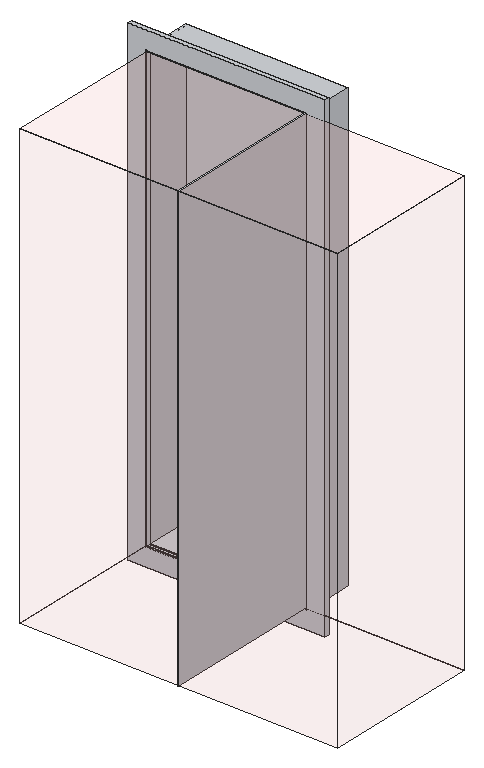
Revit family "Hager-VOLTA-Flush_mounted-IP30-With_Cover-With_DIN-NoHosted-PL-pl", category Electrical Equipment, Revit 2023
Family settings
  Panel Configuration = Two Columns, Circuits Across
  Round Connector Dimension = Use Diameter
  Part Type = Panelboard
  Work Plane-Based = Yes
  Always vertical = Yes
  Cut with Voids When Loaded = No
  Maintain Annotation Orientation = No
  Shared = No
  Room Calculation Point = No
Parameters (values of type "VOLTA-Flush_mounted_W348_H880_D98_12_Modular_Spacing-VU60NWB")
  Width Control [instance] = if([HG000006-Flush mounted-pl], if([EF000846 - Szerokość wbudowania] > min_whd, [EF000846 - Szerokość wbudowania], min_whd), if([EF000008 - Szerokość] > min_whd, ([EF000008 - Szerokość]), min_whd))  # 314.5 mm
  Void Depth [instance] = if([EF000218 - Głębokość wbudowania] > 1 mm, [EF000218 - Głębokość wbudowania], 1 mm)  # 89 mm
  Uniformat code = "D501001"
  Uniformat = "Low Tension Service & Dist."
  Référence = ""
  HGEF0002950-Szerokość wyrażona liczbą modułów = 12
  HGEF000266-Liczba rzędów = 0
  HG000131 - Functional label [instance] = ""
  HG000130 - Functional name [instance] = ""
  HG000099-Onfly Template ID-pl-PL = "507532"
  HG000059-Operating voltage-pl-PL [instance] = 230 V
  HG000017-Distance between poles-pl = 18 mm
  HG000016-Door 3D visibility-pl = yes
  HG000015-Clearance visibility-pl = yes
  HG000014-Door on the right-pl = yes
  HG000013-Door on the left-pl = no
  HG000012-Door swing angle-pl = 90.00°
  HG000011-Empty rows from bottom-pl = no
  HG000010-Asymmetric doors-pl = no
  HG000009-Double swing door-pl = no
  HG000008-Number of empty rows-pl = 0
  HG000007-Number of empty columns-pl = 0
  HG000006-Flush mounted-pl = yes
  HG000005-Thickness-pl = 2 mm
  HG000004-Manufacturer reference-pl = "VU60NWB"
  HG000003-Range-pl = "VOLTA"
  HG000002-with door or cover-pl = yes
  HG000001-Number of columns-pl = 0
  ETIM class name = "Small distribution board"
  ETIM class code = "EC000214"
  EF015941 - Drzwi przepuszczające sygnał = no
  EF015777 - Listwa zaciskowa przewodu neutralnego = no
  EF015776 - Listwa zaciskowa uziemienia = no
  EF009212 - Wykonanie/rodzaj pokrywy = "Z otworem"
  EF006306 - Z zamkiem = no
  EF006244 - Transparentna pokrywa/drzwi = no
  EF005474 - Stopień ochrony (IP) = "IP30"
  EF004464 - Rodzaj drzwi = ""
  EF004462 - Rodzaj zamknięcia = "Inne"
  EF002950 - Szerokość wyrażona liczbą modułów = 12
  EF001596 - Materiał obudowy = ""
  EF001134 - Szyna DIN = yes
  EF001131 - Głębokość wewnętrzna = 0 mm
  EF001088 - Możliwość rozbudowy = yes
  EF001062 - Wykonanie zgodne z Dyrektywą Kompatybilności Elektromagnetycznej EMC = no
  EF000846 - Szerokość wbudowania = 314.5 mm
  EF000339 - Rodzaj pokrywy = ""
  EF000332 - Wysokość wbudowania = 865 mm
  EF000266 - Liczba rzędów = 0
  EF000218 - Głębokość wbudowania = 89 mm
  EF000118 - Z płytą montażową = yes
  EF000116 - Numer RAL = 9010
  EF000049 - Głębokość = 98 mm
  EF000040 - Wysokość = 880 mm
  EF000024 - Odporność na promieniowanie UV = no
  EF000008 - Szerokość = 348 mm
  EF000007 - Kolor = "Biały"
  EF000003 - Sposób montażu = "Montaż podtynkowy"
  Type Comments = ""
  System Height [instance] = Height Control - 2 * [HG000005-Thickness-pl]  # 861 mm
  Reference description = ""
  Reference = "VOLTA-Flush_mounted_W348_H880_D98_12_Modular_Spacing-VU60NWB"
  Panel Name [instance] = ""  # (empty or 0)
  Offset [instance] = 0 mm
  Object type = ""
  Name hager = "ADD_Enclosures_EC000214"
  Name BIM&CO = "Electricity"
  Name = "VOLTA-Flush_mounted-IP30-With_Cover-With_DIN-PL"
  Model = ""
  Level Offset [instance] = [Flush Mounted - Door Frame Width] + Offset  # 15 mm
  HG000060-RAL-number = "9010"
  GTIN (Global Trade Item Number) = ""
  Description = ""
  Default Elevation = 1200 mm
  Creation Date = "12/15/2025 21:46:28"
  Code hager = "ADD-EC000214_EU"
  Code Uniformat = ""
  BIM&CO code = ""
  BC_VARIANT_ID = "1174397"
  BC_OBJECT_VERSION = "#5"  # constant formula
  BC_OBJECT_ID = "513496"  # constant formula
  BC_MODEL_ID = "1547209"  # constant formula
  BC_METADATA = "{\"ObjectGuid\":\"bc35c96e-cb38-443e-833d-0616858cb9ac\",\"ModelGuid\":\"8af03f69-2293-4735-a617-cc53adf55621\",\"VariantGuid\":\"8b6e323b-1b53-409a-a940-11b5a7fc5337\",\"Revision\":\"#4\",\"VariantName\":\"Template-Enclosure_EU-EC000214\"}"
  Arrow Offset [instance] = Depth Control / 8  # 11.125 mm
  Arrow Height [instance] = Depth Control - Arrow Offset  # 77.875 mm
  Host Offset [instance] = if([HG000006-Flush mounted-pl], 0 mm, [EF000049 - Głębokość])  # 0 mm
  min_whd [instance] = (2 * [HG000005-Thickness-pl]) + 1 mm  # 5 mm
  Manufacturer = "Hager"  # constant formula
  Height Control [instance] = if([HG000006-Flush mounted-pl], if([EF000332 - Wysokość wbudowania] > min_whd, [EF000332 - Wysokość wbudowania], min_whd), if([EF000040 - Wysokość] > min_whd, ([EF000040 - Wysokość]), min_whd))  # 865 mm
  Flush Mounted - Door Frame Width [instance] = if(([EF000040 - Wysokość] - [EF000332 - Wysokość wbudowania]) > 0 mm, if([HG000006-Flush mounted-pl], [EF000040 - Wysokość] - [EF000332 - Wysokość wbudowania], 0 mm), 0 mm)  # 15 mm
  Depth Control [instance] = if([HG000006-Flush mounted-pl], if([EF000218 - Głębokość wbudowania] > 0 mm, [EF000218 - Głębokość wbudowania], 1 mm), if([EF000049 - Głębokość] > 0 mm, ([EF000049 - Głębokość]), 1 mm))  # 89 mm
Types (18, lengths in mm): name | Width Control | Void Depth | HGEF000266-Liczba rzędów | HG000011-Empty rows from bottom-pl | HG000008-Number of empty rows-pl | HG000004-Manufacturer reference-pl | HG000001-Number of columns-pl | EF015777 - Listwa zaciskowa przewodu neutralnego | EF015776 - Listwa zaciskowa uziemienia | EF000846 - Szerokość wbudowania | EF000332 - Wysokość wbudowania | EF000266 - Liczba rzędów | EF000218 - Głębokość wbudowania | EF000118 - Z płytą montażową | EF000040 - Wysokość | System Height | Reference | Level Offset | BC_VARIANT_ID | Arrow Offset | Arrow Height | Height Control | Flush Mounted - Door Frame Width | Depth Control
  VOLTA-Flush_mounted_W348_H356_D98_12_Modular_Spacing-VU12AT | 314.5 | 89 | 1 | no | 0 | "VU12AT" | 1 | yes | yes | 314.5 | 321 | 1 | 89 | no | 356 | 317 | "VOLTA-Flush_mounted_W348_H356_D98_12_Modular_Spacing-VU12AT" | 35 | "1174376" | 11.125 | 77.875 | 321 | 35 | 89
  VOLTA-Flush_mounted_W348_H356_D98_12_Modular_Spacing-VU12NE | 314.5 | 89 | 1 | no | 0 | "VU12NE" | 1 | no | yes | 314.5 | 321 | 1 | 89 | no | 356 | 317 | "VOLTA-Flush_mounted_W348_H356_D98_12_Modular_Spacing-VU12NE" | 35 | "1174377" | 11.125 | 77.875 | 321 | 35 | 89
  VOLTA-Flush_mounted_W348_H505_D98_12_Modular_Spacing-VU24AT | 314.5 | 89 | 2 | no | 0 | "VU24AT" | 1 | yes | yes | 314.5 | 470 | 2 | 89 | no | 505 | 466 | "VOLTA-Flush_mounted_W348_H505_D98_12_Modular_Spacing-VU24AT" | 35 | "1174378" | 11.125 | 77.875 | 470 | 35 | 89
  VOLTA-Flush_mounted_W348_H505_D98_12_Modular_Spacing-VU24NE | 314.5 | 89 | 2 | no | 0 | "VU24NE" | 1 | no | yes | 314.5 | 470 | 2 | 89 | no | 505 | 466 | "VOLTA-Flush_mounted_W348_H505_D98_12_Modular_Spacing-VU24NE" | 35 | "1174380" | 11.125 | 77.875 | 470 | 35 | 89
  VOLTA-Flush_mounted_W348_H505_D98_12_Modular_Spacing-VU24NWB | 314.5 | 89 | 0 | no | 0 | "VU24NWB" | 0 | no | no | 314.5 | 470 | 0 | 89 | yes | 505 | 466 | "VOLTA-Flush_mounted_W348_H505_D98_12_Modular_Spacing-VU24NWB" | 35 | "1174383" | 11.125 | 77.875 | 470 | 35 | 89
  VOLTA-Flush_mounted_W348_H630_D98_12_Modular_Spacing-VU36AT | 314.5 | 89 | 3 | no | 0 | "VU36AT" | 1 | yes | yes | 314.5 | 595 | 3 | 89 | no | 630 | 591 | "VOLTA-Flush_mounted_W348_H630_D98_12_Modular_Spacing-VU36AT" | 35 | "1174385" | 11.125 | 77.875 | 595 | 35 | 89
  VOLTA-Flush_mounted_W348_H630_D98_12_Modular_Spacing-VU36NE | 314.5 | 89 | 3 | no | 0 | "VU36NE" | 1 | no | yes | 314.5 | 595 | 3 | 89 | no | 630 | 591 | "VOLTA-Flush_mounted_W348_H630_D98_12_Modular_Spacing-VU36NE" | 35 | "1174386" | 11.125 | 77.875 | 595 | 35 | 89
  VOLTA-Flush_mounted_W348_H630_D98_12_Modular_Spacing-VU36NWB | 314.5 | 89 | 0 | no | 0 | "VU36NWB" | 0 | no | no | 314.5 | 595 | 0 | 89 | yes | 630 | 591 | "VOLTA-Flush_mounted_W348_H630_D98_12_Modular_Spacing-VU36NWB" | 35 | "1174387" | 11.125 | 77.875 | 595 | 35 | 89
  VOLTA-Flush_mounted_W348_H755_D98_12_Modular_Spacing-VU48AT | 314.5 | 89 | 4 | no | 0 | "VU48AT" | 1 | yes | yes | 314.5 | 720 | 4 | 89 | no | 755 | 716 | "VOLTA-Flush_mounted_W348_H755_D98_12_Modular_Spacing-VU48AT" | 35 | "1174388" | 11.125 | 77.875 | 720 | 35 | 89
  VOLTA-Flush_mounted_W348_H755_D98_12_Modular_Spacing-VU48NE | 314.5 | 89 | 4 | no | 0 | "VU48NE" | 1 | no | yes | 314.5 | 720 | 4 | 89 | no | 755 | 716 | "VOLTA-Flush_mounted_W348_H755_D98_12_Modular_Spacing-VU48NE" | 35 | "1174389" | 11.125 | 77.875 | 720 | 35 | 89
  VOLTA-Flush_mounted_W348_H755_D98_12_Modular_Spacing-VU48NWB | 314.5 | 89 | 0 | no | 0 | "VU48NWB" | 0 | no | no | 314.5 | 720 | 0 | 89 | yes | 755 | 716 | "VOLTA-Flush_mounted_W348_H755_D98_12_Modular_Spacing-VU48NWB" | 35 | "1174390" | 11.125 | 77.875 | 720 | 35 | 89
  VOLTA-Flush_mounted_W348_H880_D98_12_Modular_Spacing-VU601PLH | 314.5 | 89 | 5 | yes | 4 | "VU601PLH" | 1 | yes | yes | 314.5 | 845 | 5 | 89 | yes | 880 | 841 | "VOLTA-Flush_mounted_W348_H880_D98_12_Modular_Spacing-VU601PLH" | 35 | "1174391" | 11.125 | 77.875 | 845 | 35 | 89
  VOLTA-Flush_mounted_W348_H880_D98_12_Modular_Spacing-VU602PLH | 314.5 | 89 | 5 | yes | 3 | "VU602PLH" | 1 | yes | yes | 314.5 | 845 | 5 | 89 | yes | 880 | 841 | "VOLTA-Flush_mounted_W348_H880_D98_12_Modular_Spacing-VU602PLH" | 35 | "1174392" | 11.125 | 77.875 | 845 | 35 | 89
  VOLTA-Flush_mounted_W348_H880_D98_12_Modular_Spacing-VU603PLG | 314.5 | 89 | 5 | yes | 2 | "VU603PLG" | 1 | yes | yes | 314.5 | 845 | 5 | 89 | yes | 880 | 841 | "VOLTA-Flush_mounted_W348_H880_D98_12_Modular_Spacing-VU603PLG" | 35 | "1174393" | 11.125 | 77.875 | 845 | 35 | 89
  VOLTA-Flush_mounted_W348_H880_D98_12_Modular_Spacing-VU603PLH | 314.5 | 89 | 5 | yes | 2 | "VU603PLH" | 1 | yes | yes | 314.5 | 845 | 5 | 89 | yes | 880 | 841 | "VOLTA-Flush_mounted_W348_H880_D98_12_Modular_Spacing-VU603PLH" | 35 | "1174394" | 11.125 | 77.875 | 845 | 35 | 89
  VOLTA-Flush_mounted_W348_H880_D98_12_Modular_Spacing-VU60NC | 314.5 | 89 | 5 | no | 0 | "VU60NC" | 1 | no | yes | 314.5 | 846 | 5 | 89 | no | 880 | 842 | "VOLTA-Flush_mounted_W348_H880_D98_12_Modular_Spacing-VU60NC" | 34 | "1174395" | 11.125 | 77.875 | 846 | 34 | 89
  VOLTA-Flush_mounted_W348_H880_D98_12_Modular_Spacing-VU60NE | 314 | 90 | 5 | no | 0 | "VU60NE" | 1 | yes | yes | 314 | 845 | 5 | 90 | no | 880 | 841 | "VOLTA-Flush_mounted_W348_H880_D98_12_Modular_Spacing-VU60NE" | 35 | "1174396" | 11.25 | 78.75 | 845 | 35 | 90
  VOLTA-Flush_mounted_W348_H880_D98_12_Modular_Spacing-VU60NWB | 314.5 | 89 | 0 | no | 0 | "VU60NWB" | 0 | no | no | 314.5 | 865 | 0 | 89 | yes | 880 | 861 | "VOLTA-Flush_mounted_W348_H880_D98_12_Modular_Spacing-VU60NWB" | 15 | "1174397" | 11.125 | 77.875 | 865 | 15 | 89
Reference planes
  plane 1 "Center (Front/Back)": y = 0
  plane 2: z = 0
  plane 3 "Center (Left/Right)": x = 0
  plane 4: y = 17
  plane 5: y = 89
  plane 6: y = 15
  plane 7: z = 0
  plane 8: x = -157.25
  plane 9: x = 157.25
  plane 10: x = 155.25
  plane 11: x = -155.25
  plane 12: z = 15
  plane 13: z = 17
  plane 14: y = 5
  plane 15: y = 0
  plane 16: y = 87
  plane 17: z = 878
  plane 18: z = 880
  plane 19: z = 447.5
  plane 20: x = 0
  plane 21: y = -100
  plane 22 "Annotation H": y = -300
  plane 23 "Annotation V": x = 357.25
Forms (mm)
  Extrusion 1, solid
    sketch origin (-208.679, -4572, 15) x (-1, 0, 0) y (0, -1, 0)
      loop
        line (-51.429, -4572) -> (-365.929, -4572) -> (-365.929, -4661) -> (-51.429, -4661) -> (-51.429, -4572)
    from 0 to 865 <- "Height Control"
  Extrusion 2, void
    sketch origin (-350.771, 0, 1219.2) x (1, 0, 0) y (0, 0, 1)
      loop
        line (195.521, -341.2) -> (195.521, -1202.2) -> (506.021, -1202.2) -> (506.021, -341.2) -> (195.521, -341.2)
    from 0 to -87
  Extrusion 3, solid, detail levels coarse+medium
    sketch origin (-350.771, 0, 1219.2) x (-1, 0, 0) y (0, 0, 1)
      loop
        line (-195.521, -341.2) -> (-506.021, -341.2) -> (-506.021, -1202.2) -> (-195.521, -1202.2) -> (-195.521, -341.2)
    from 0 to 2 <- "HG000005-Thickness-pl"
Cuts and joins
  Extrusion 2 cuts Extrusion 1
Dimensions and locks
  "Flush Mounted - Door Frame Width": plane 1 "Center (Front/Back)" to plane 6
  "HG000005-Thickness-pl": plane 4 to plane 6
  "HG000005-Thickness-pl": plane 8 to plane 11
  "HG000005-Thickness-pl": plane 9 to plane 10
  equal spacing: plane 8, plane 3 "Center (Left/Right)", plane 9
  "Width Control": plane 8 to plane 9
  locked: plane 14 to plane 15 at 5
  "Host Offset": plane 1 "Center (Front/Back)" to plane 15
  "Depth Control": plane 5 to plane 15
  "HG000005-Thickness-pl": plane 5 to plane 16
  "HG000005-Thickness-pl": plane 13 to plane 12
  "Level Offset": plane 12 to level
  "HG000005-Thickness-pl": plane 18 to plane 17
  "Height Control": plane 18 to plane 12
  "Arrow Offset": plane 5 to nested 4
  equal spacing: plane 18, plane 19, plane 12
  locked: connector elem to plane 19
  locked: connector elem to plane 3 "Center (Left/Right)"
  Extrusion 2 sketch curve to Extrusion 2 sketch curve to plane 9 = 310.5 mm, 2 mm
  locked: plane 9 to plane 23 "Annotation V" at 200
  locked: plane 22 "Annotation H" to plane 1 "Center (Front/Back)" at 300
  aligned and locked: nested 1 to plane 14
  aligned and locked: plane 3 "Center (Left/Right)" to nested 1
  aligned and locked: plane 3 "Center (Left/Right)" to nested 2
  aligned and locked: nested 2 to plane 15
  aligned and locked: plane 5 to Extrusion 1
  aligned and locked: Extrusion 3 sketch curve to plane 17
  aligned and locked: Extrusion 3 sketch curve to plane 11
  aligned and locked: plane 13 to Extrusion 3 sketch curve
  aligned and locked: Extrusion 3 sketch curve to plane 10
  aligned and locked: plane 13 to Extrusion 2 sketch curve
  aligned and locked: Extrusion 2 sketch curve to plane 17
  aligned and locked: plane 16 to Extrusion 2
  aligned and locked: plane 5 to Extrusion 1 sketch curve
  aligned and locked: plane 9 to Extrusion 1 sketch curve
  aligned and locked: plane 8 to Extrusion 1 sketch curve
  aligned and locked: plane 8 to nested 4
  aligned and locked: plane 8 to nested 3
  aligned and locked: nested 3 to plane 5
  aligned and locked: Extrusion 1 sketch curve to plane 15
  aligned and locked: Extrusion 2 to plane 15
  aligned and locked: nested 5 to plane 22 "Annotation H"
  aligned and locked: plane 23 "Annotation V" to nested 5
  aligned and locked: plane 11 to Extrusion 2
  aligned and locked: plane 10 to Extrusion 2
Nested families
  nested 1: "Hager_Enclosure_System" at (0, 5, 17), Height <- "System Height", Width_Control <- "Width Control", Built-in_Width <- "EF000846 - Szerokość wbudowania", Width <- "EF000008 - Szerokość", Depth <- "HG000005-Thickness-pl", Border <- "HG000005-Thickness-pl", Distance_Between_Poles <- "HG000017-Distance between poles-pl", Flush_Mounted <- "HG000006-Flush mounted-pl", Empty_Columns <- "HG000007-Number of empty columns-pl", Total_No_Empty_Rows <- "HG000008-Number of empty rows-pl", Empty_Rows_From_Bottom <- "HG000011-Empty rows from bottom-pl", Columns_Count <- "HG000001-Number of columns-pl", Rows_Count <- "HGEF000266-Liczba rzędów", Row_Module_Multiplicator <- "HGEF0002950-Szerokość wyrażona liczbą modułów", type "Hager_Enclosure_System", detail levels medium+fine
    with Width_Control 314.5 mm, Width 348 mm, Total_No_Rows 0, Total_No_Empty_Rows 0, Total_No_Columns 1, System_Width 310.5 mm, Rows_Count 0, Rows_Column 0, Row_Module_Multiplicator 12, Panel_4 no, Panel_3 no, Panel_2 no, Panel_1 no, No_Panels_Ctrl 1, Hide_Columns yes, Height 861 mm, Flush_Mounted yes, Empty_Rows_From_Bottom no, Empty_Rows_Column 0, Empty_Columns 0, Empty column 4 0, Empty column 3 0, Empty column 2 0, Empty column 1 0, Distance_Between_Poles 18 mm, Depth 2 mm, Columns_Count 0, Column_Width 310.5 mm, Built-in_Width 314.5 mm, Border 2 mm
  nested 2: "Hager_Enclosure_Door" at (0, 0, 15), Height_Ctrl <- "Height Control", Width_Ctrl <- "Width Control", BuiltIn_Depth <- "EF000218 - Głębokość wbudowania", Depth <- "EF000049 - Głębokość", BuiltIn_Width <- "EF000846 - Szerokość wbudowania", Height <- "EF000040 - Wysokość", BuiltIn_Height <- "EF000332 - Wysokość wbudowania", Width <- "EF000008 - Szerokość", Transparent <- "EF006244 - Transparentna pokrywa/drzwi", Border <- "HG000005-Thickness-pl", Door <- "HG000002-with door or cover-pl", Flush_Mounted <- "HG000006-Flush mounted-pl", Double <- "HG000009-Double swing door-pl", Assymetrical <- "HG000010-Asymmetric doors-pl", Angle <- "HG000012-Door swing angle-pl", Door_Left <- "HG000013-Door on the left-pl", Door_Right <- "HG000014-Door on the right-pl", Clearance <- "HG000015-Clearance visibility-pl", 3d_Door <- "HG000016-Door 3D visibility-pl", type "Hager_Enclosure_Door", detail levels medium+fine
    with min_wh 5 mm, Width_Ctrl 314.5 mm, Width 348 mm, Transparent_Door_No_Bottom_Border no, Transparent no, Leaf_Width 307.5 mm, Leaf_Tolerance 1.5 mm, Leaf_Height 858 mm, Leaf_2_Width 307.5 mm, Leaf_2_Offset 153.75 mm, Leaf_1_Width 307.5 mm, Leaf_1_Offset 153.75 mm, Height_Ctrl 865 mm, Height 880 mm, Frame_Width_Ctrl 33.5 mm, Frame_Width 33.5 mm, Frame_Internal_Offset 2 mm, Frame_Height_Ctrl 15 mm, Frame_Height 15 mm, Frame_Depth_Ctrl 9 mm, Frame_Depth 9 mm, Flush_Mounted yes, Double_Clearance_Ctrl no, Double no, Door_Right_Ctrl yes, Door_Right yes, Door_Left_Ctrl no, Door_Left no, Door yes, Depth 98 mm, Clearance_Depth 307.5 mm, Clearance_Ctrl yes, Clearance yes, BuiltIn_Width 314.5 mm, BuiltIn_Height 865 mm, BuiltIn_Depth 89 mm, Border 2 mm, Assymetrical no, Angle 90.00°, 3d_Door yes
  nested 3: "Hager_Enclosure_Symbol_Triangle" at (-157.25, 89, 0), Depth <- "Depth Control", Width <- "Width Control", type "Hager_Enclosure_Symbol_Triangle"
    with Width_Ctrl 314.5 mm, Width 314.5 mm, Depth_Ctrl 89 mm, Depth 89 mm
  nested 4: "Hager_Enclosure_Symbol_Arrow" at (-157.25, 77.875, 0), Height <- "Arrow Height", type "Hager_Enclosure_Symbol_Arrow"
    with Width_Inside 5.841 mm, Width 70.087 mm, Height_Ctrl 77.875 mm, Height 77.875 mm
  nested 5: "Hager_Annotation-HG000130" at (357.25, -300, 0), HG000130 - Functional name <- "HG000130 - Functional name", type "Hager_Annotation-HG000130"
    with HG000130 - Functional name ""
Connectors
  electrical at (0, 89, 447.5), driven by "HG000059-Operating voltage-pl-PL"
    settings: on plane 5, index 1, voltage 230 V, apparent load 0 VA, apparent load phase1 0 VA, apparent load phase2 0 VA, apparent load phase3 0 VA, power factor 1, load classification "Other", number of poles 1, system type 30, power factor state 1, is connector primary yes, connector utility no, sub classification motor no, connector description ""
Definition of nested family "Hager_Enclosure_Door"
  Parameters (values of type "Hager_Enclosure_Door")
    min_wh [instance] = (2 * Border) + 1 mm  # 11 mm
    Width_Ctrl [instance] = 400 mm
    Width [instance] = 500 mm
    Transparent_Door_No_Bottom_Border [instance] = no
    Transparent [instance] = yes
    Leaf_Width [instance] = if((Width_Ctrl - 2 * Border - 2 * Leaf_Tolerance) > 0 mm, (Width_Ctrl - 2 * Border - 2 * Leaf_Tolerance), min_wh)  # 387 mm
    Leaf_Tolerance [instance] = 1.5 mm  # constant formula
    Leaf_Height [instance] = if((Height_Ctrl - 2 * Border - 2 * Leaf_Tolerance) > 0 mm, (Height_Ctrl - 2 * Border - 2 * Leaf_Tolerance), min_wh)  # 387 mm
    Leaf_2_Width [instance] = if(and(and(Double, Assymetrical), Door_Left), (Leaf_Width / 3) - (Leaf_Tolerance / 2), if(and(and(Double, Assymetrical), Door_Right), (Leaf_Width / 3) * 2 - (Leaf_Tolerance / 2), if(and(Double, not(Assymetrical)), (Leaf_Width / 2) - Leaf_Tolerance, Leaf_Width)))  # 387 mm
    Leaf_2_Offset [instance] = if(and(Double, Assymetrical), Leaf_2_Width / 2, if(and(Double, not(Assymetrical)), Leaf_Width / 4, Leaf_Width / 2))  # 193.5 mm
    Leaf_1_Width [instance] = if(and(and(Double, Assymetrical), Door_Right), (Leaf_Width / 3) - (Leaf_Tolerance / 2), if(and(and(Double, Assymetrical), Door_Left), (Width / 3) * 2 - (Leaf_Tolerance / 2), if(and(Double, not(Assymetrical)), (Leaf_Width / 2) - Leaf_Tolerance, Leaf_Width)))  # 387 mm
    Leaf_1_Offset [instance] = if(and(Double, Assymetrical), Leaf_1_Width / 2, if(and(Double, not(Assymetrical)), Leaf_Width / 4, Leaf_Width / 2))  # 193.5 mm
    Height_Ctrl [instance] = 400 mm
    Height [instance] = 500 mm
    Frame_Width_Ctrl [instance] = if(Frame_Width > 0 mm, Frame_Width, 1 mm)  # 1 mm
    Frame_Width [instance] = Width - BuiltIn_Width  # 0 mm
    Frame_Internal_Offset [instance] = if(Flush_Mounted, Border, 0 mm)  # 5 mm
    Frame_Height_Ctrl [instance] = if(Frame_Height > 0 mm, Frame_Height, 1 mm)  # 1 mm
    Frame_Height [instance] = Height - BuiltIn_Height  # 0 mm
    Frame_Depth_Ctrl [instance] = if(Frame_Depth > 0 mm, Frame_Depth, 1 mm)  # 1 mm
    Frame_Depth [instance] = if(Depth - BuiltIn_Depth > 0 mm, if(Flush_Mounted, Depth - BuiltIn_Depth, 0 mm), 0 mm)  # 0 mm
    Flush_Mounted [instance] = yes
    Double_Clearance_Ctrl [instance] = and(Double, Clearance)  # no
    Double [instance] = no
    Door_Right_Ctrl [instance] = and(or(Door_Right, Double), Door)  # yes
    Door_Right [instance] = yes
    Door_Left_Ctrl [instance] = and(or(Door_Left, Double), Door)  # no
    Door_Left [instance] = no
    Door [instance] = yes
    Depth [instance] = 500 mm
    Default Elevation = 1219.2 mm
    Clearance_Material = none
    Clearance_Depth [instance] = if(Leaf_1_Width > Leaf_2_Width, Leaf_1_Width, Leaf_2_Width)  # 387 mm
    Clearance_Ctrl [instance] = and(not(Double), Clearance)  # yes
    Clearance [instance] = yes
    BuiltIn_Width [instance] = 500 mm
    BuiltIn_Height [instance] = 500 mm
    BuiltIn_Depth [instance] = 500 mm
    Border [instance] = 5 mm
    Assymetrical [instance] = yes
    Angle [instance] = 30.00°
    3d_Door [instance] = yes
  Reference planes
    plane 1 "Center (Front/Back)": y = 0
    plane 2 "Bottom": z = 0
    plane 3 "Center (Left/Right)": x = 0
    plane 4: z = 400
    plane 5: x = -200
    plane 6: x = 200
    plane 7: z = 395
    plane 8: x = -195
    plane 9: z = 5
    plane 10: x = 195
    plane 11: y = 0
    plane 12: z = 6.5
    plane 13: x = -582
    plane 14: y = -387
    plane 15: x = 582
    plane 16: x = 0
    plane 17: x = 0
    plane 18: x = -193.5
    plane 19: x = 193.5
    plane 20: z = 393.5
  Forms (mm)
    Extrusion 1, solid, visible <- "Flush_Mounted"
      sketch origin (0, 0, 0) x (1, 0, 0) y (0, 0, 1)
        loop
          line (195, 5) -> (195, 395) -> (-195, 395) -> (-195, 5) -> (195, 5)
        loop
          line (-201, 401) -> (-201, -1) -> (201, -1) -> (201, 401) -> (-201, 401)
      from 0 to 1 <- "Frame_Depth_Ctrl"
    Extrusion 2, solid, material <- "Clearance_Material", visible <- "Double_Clearance_Ctrl"
      sketch origin (1200, 0, 0) x (1, 0, 0) y (0, 0, -1)
        loop
          line (-1782, -393.5) -> (-618, -393.5) -> (-618, 0) -> (-1782, 0) -> (-1782, -393.5)
      from 0 to -387
  Dimensions and locks
    equal spacing: plane 5, plane 3 "Center (Left/Right)", plane 6
    "Width_Ctrl": plane 5 to plane 6
    "Border": plane 5 to plane 8
    "Border": plane 6 to plane 10
    "Border": plane 9 to level
    "Border": plane 4 to plane 7
    "Height_Ctrl": plane 4 to level
    "Leaf_Tolerance": plane 12 to plane 9
    "Frame_Depth": plane 11 to plane 1 "Center (Front/Back)"
    "Frame_Width_Ctrl": plane 5 to Extrusion 1 sketch curve
    "Frame_Width_Ctrl": plane 6 to Extrusion 1 sketch curve
    "Frame_Width_Ctrl": Extrusion 1 sketch curve to plane 4
    "Frame_Width_Ctrl": plane 2 "Bottom" to Extrusion 1 sketch curve
    "Leaf_1_Offset": plane 18 to plane 16
    "Leaf_2_Offset": plane 17 to plane 19
    "Leaf_1_Width": plane 13 to plane 8
    "Leaf_2_Width": plane 10 to plane 15
    "Clearance_Depth": plane 14 to plane 1 "Center (Front/Back)"
    "Leaf_Tolerance": plane 8 to plane 18
    "Leaf_Tolerance": plane 19 to plane 10
    "Leaf_Tolerance": plane 7 to plane 20
    "Frame_Internal_Offset": plane 5 to Extrusion 1 sketch curve
    "Frame_Internal_Offset": Extrusion 1 sketch curve to plane 2 "Bottom"
    "Frame_Internal_Offset": plane 6 to Extrusion 1 sketch curve
    "Frame_Internal_Offset": plane 4 to Extrusion 1 sketch curve
    aligned and locked: level to plane 2 "Bottom"
    aligned and locked: nested 1 to plane 16
    aligned and locked: nested 2 to plane 17
    aligned and locked: Extrusion 2 to plane 13
    aligned and locked: plane 15 to Extrusion 2
    aligned and locked: Extrusion 2 to plane 14
    aligned and locked: plane 12 to nested 1
    aligned and locked: nested 2 to plane 12
    aligned and locked: Extrusion 2 to plane 11
    aligned and locked: plane 20 to Extrusion 2
    aligned and locked: nested 2 to plane 11
    aligned and locked: nested 1 to plane 11
  Automatic sketch dimensions
    Extrusion 2 sketch curve to level = 0 mm
    plane 5 to Extrusion 2 sketch curve = 382 mm
    plane 6 to Extrusion 2 sketch curve = 382 mm
    Extrusion 2 sketch curve to plane 4 = 6.5 mm
  Nested families
    nested 1: "Hager_Enclosure_Door_Leaf" at (0, 0, 6.5), Width <- "Leaf_1_Width", visible <- "Door_Left_Ctrl", Leaf_Height <- "Leaf_Height", Angle <- "Angle", Depth <- "Border", 3d_Door <- "3d_Door", Transparent <- "Transparent", Clearance Material <- "Clearance_Material", Clearance <- "Clearance_Ctrl", Transparent_Door_No_Bottom_Border <- "Transparent_Door_No_Bottom_Border", type "Hager_Enclosure_Door_Leaf"
      with Width 387 mm, Transparent_Door_No_Bottom_Border no, Transparent_Door_Border_Bottom_Top 25 mm, Transparent_Door_Border 25 mm, Transparent_Ctrl yes, Transparent yes, Standard no, Leaf_Height 387 mm, Glass_Offset 1 mm, Depth 5 mm, Clearance Material none, Clearance yes, Angle_Ctrl 30.00°, Angle 30.00°, 3d_Door yes
    nested 2: "Hager_Enclosure_Door_Leaf" at (0, 0, 6.5) x (-1, 0, 0) z (0, 0, 1), Width <- "Leaf_2_Width", visible <- "Door_Right_Ctrl", Leaf_Height <- "Leaf_Height", Angle <- "Angle", Depth <- "Border", 3d_Door <- "3d_Door", Transparent <- "Transparent", Clearance Material <- "Clearance_Material", Clearance <- "Clearance_Ctrl", Transparent_Door_No_Bottom_Border <- "Transparent_Door_No_Bottom_Border", type "Hager_Enclosure_Door_Leaf"
      with Width 387 mm, Transparent_Door_No_Bottom_Border no, Transparent_Door_Border_Bottom_Top 25 mm, Transparent_Door_Border 25 mm, Transparent_Ctrl yes, Transparent yes, Standard no, Leaf_Height 387 mm, Glass_Offset 1 mm, Depth 5 mm, Clearance Material none, Clearance yes, Angle_Ctrl 30.00°, Angle 30.00°, 3d_Door yes
  Definition of nested family "Hager_Enclosure_Door_Leaf"
    Parameters (values of type "Hager_Enclosure_Door_Leaf")
      Width [instance] = 2000 mm
      Transparent_Door_No_Bottom_Border [instance] = yes
      Transparent_Door_Border_Bottom_Top [instance] = if(Transparent_Door_No_Bottom_Border, 0.1 mm, Transparent_Door_Border)  # 0.1 mm
      Transparent_Door_Border [instance] = if(Transparent_Door_No_Bottom_Border, (Width * 0.12), 25 mm)  # 240 mm
      Transparent_Ctrl [instance] = and(Transparent, [3d_Door])  # yes
      Transparent [instance] = yes
      Standard [instance] = and(not(Transparent), [3d_Door])  # no
      Leaf_Height [instance] = 2720.336 mm
      Glass_Offset [instance] = if((Depth - 10 mm) / 2 > 0 mm, (Depth - 10 mm) / 2, 1 mm)  # 15 mm
      Glass_Material = none
      Depth [instance] = 40 mm
      Default Elevation = 0 mm
      Clearance Material [instance] = none
      Clearance [instance] = yes
      Angle_Ctrl [instance] = if(Angle > 170.00°, 170.00°, Angle)  # 45.00°
      Angle [instance] = 45.00°
      3d_Door [instance] = yes
    Reference planes
      plane 1 "Center (Front/Back)": y = 0
      plane 2: z = 0
      plane 3 "Center (Left/Right)": x = 0
      plane 4: y = 2000
      plane 5: x = -1000
      plane 6: x = 1000
      plane 7: x = -3000
      plane 8: z = 2720.336
      plane 9: z = 0.1
      plane 10: z = 2720.236
      plane 11: x = 760
      plane 12: x = -760
    Forms (mm)
      Extrusion 1, solid, material <- "Clearance Material", visible <- "Clearance"
        sketch origin (0, 0, 0) x (1, 0, 0) y (0, 0, 1)
          loop
            line (-3000, 2720.336) -> (-3000, 0) -> (1000, 0) -> (1000, 2720.336) -> (-3000, 2720.336)
        from 0 to -2000
      Extrusion 2, solid, visible <- "Standard", detail levels medium+fine
        sketch origin (-1000, 0, 0) x (0.707107, 0.707107, 0) y (-0.707107, 0.707107, 0)
          loop
            line (0, -40) -> (2000, -40) -> (2000, 0) -> (0, 0) -> (0, -40)
        from 0 to 2720.336 <- "Leaf_Height"
      Extrusion 3, solid, visible <- "Transparent_Ctrl", detail levels medium+fine
        sketch origin (-1000, 0, 0) x (0.707107, 0.707107, 0) y (-0.707107, 0.707107, 0)
          loop
            line (0, -40) -> (2000, -40) -> (2000, 0) -> (0, 0) -> (0, -40)
        from 0 to 2720.336 <- "Leaf_Height"
      Extrusion 4, void, detail levels medium+fine
        sketch origin (-1000, 0, 0) x (-0.707107, 0.707107, 0) y (0.707107, 0.707107, 0)
          loop
            line (0, 240) -> (0, 1760) -> (-40, 1760) -> (-40, 240) -> (0, 240)
        from -2720.236 to -0.1
      Extrusion 5, solid, material <- "Glass_Material", visible <- "Transparent_Ctrl", detail levels medium+fine
        sketch origin (-1000, 0, 0) x (0.707107, 0.707107, 0) y (-0.707107, 0.707107, 0)
          loop
            line (240, -15) -> (240, -25) -> (1760, -25) -> (1760, -15) -> (240, -15)
        from 0.1 to 2720.236
    Cuts and joins
      Extrusion 4 cuts Extrusion 3
    Lines and regions (mm)
      symbolic lines
        curve 1: line (1000, 0, 0) -> (-3000, 0, 0)
        curve 2: arc (1000, 0, 0) -> (-1000, 2000, 0) -> (-3000, 0, 0) r 2000
        curve 4: line (-1000, 0, 0) -> (414.214, 1414.214, 0)
      reference lines
        curve 3: line (-1000, 0, 0) -> (414.214, 1414.214, 0)
      symbolic lines, detail levels medium+fine
        curve 5: line (414.214, 1414.214, 0) -> (442.498, 1385.929, 0)
        curve 6: line (442.498, 1385.929, 0) -> (-971.716, -28.284, 0)
        curve 7: line (-971.716, -28.284, 0) -> (-1000, 0, 0)
        curve 8: line (-1000, 0, 2720.336) -> (1000, 0, 2720.336)
        curve 9: line (-1000, 0, 0) -> (-1000, 0, 2720.336)
        curve 10: line (1000, 0, 0) -> (-1000, 0, 0)
        curve 11: line (1000, 0, 2720.336) -> (1000, 0, 0)
      symbolic lines, visible <- "Transparent_Ctrl", detail levels medium+fine
        curve 12: line (-760, 0, 2720.236) -> (760, 0, 2720.236)
        curve 13: line (-760, 0, 0.1) -> (-760, 0, 2720.236)
        curve 14: line (760, 0, 0.1) -> (-760, 0, 0.1)
        curve 15: line (760, 0, 2720.236) -> (760, 0, 0.1)
    Dimensions and locks
      "Width": plane 1 "Center (Front/Back)" to plane 4
      equal spacing: plane 5, plane 3 "Center (Left/Right)", plane 6
      "Width": plane 5 to plane 6
      "Width": plane 7 to plane 5
      "Leaf_Height": plane 8 to level
      "Depth": curve 6 to curve 3
      "Width": curve 5 to curve 3
      "Width": curve 3 to curve 3
      "Transparent_Door_Border": Extrusion 4 sketch curve to curve 7
      "Transparent_Door_Border": Extrusion 4 sketch curve to curve 5
      "Transparent_Door_Border_Bottom_Top": plane 8 to plane 10
      "Transparent_Door_Border_Bottom_Top": plane 9 to level
      "Glass_Offset": Extrusion 5 sketch curve to curve 4
      "Glass_Offset": Extrusion 5 sketch curve to curve 6
      "Transparent_Door_Border": Extrusion 5 sketch curve to curve 5
      "Transparent_Door_Border": Extrusion 5 sketch curve to curve 7
      "Transparent_Door_Border": plane 12 to plane 5
      "Transparent_Door_Border": plane 6 to plane 11
      "Angle_Ctrl": angle plane 1 "Center (Front/Back)" to curve 3
      aligned and locked: level to plane 2
      aligned and locked: Extrusion 1 to curve 1
      aligned and locked: plane 6 to Extrusion 1
      aligned and locked: Extrusion 1 to plane 1 "Center (Front/Back)"
      aligned and locked: plane 4 to Extrusion 1
      aligned and locked: plane 8 to Extrusion 1
      aligned and locked: curve 4 to curve 3
      aligned and locked: Extrusion 2 sketch curve to curve 7
      aligned and locked: Extrusion 2 sketch curve to curve 6
      aligned and locked: Extrusion 2 sketch curve to curve 5
      aligned and locked: Extrusion 2 sketch curve to curve 3
      aligned and locked: curve 7 to Extrusion 3 sketch curve
      aligned and locked: Extrusion 3 sketch curve to curve 4
      aligned and locked: Extrusion 3 sketch curve to curve 6
      aligned and locked: Extrusion 3 sketch curve to curve 5
      aligned and locked: curve 4 to Extrusion 4 sketch curve
      aligned and locked: curve 6 to Extrusion 4 sketch curve
      aligned and locked: Extrusion 4 to plane 9
      aligned and locked: Extrusion 4 to plane 10
      aligned and locked: Extrusion 5 to plane 9
      aligned and locked: Extrusion 5 to plane 10
      aligned and locked: curve 8 to plane 8
      aligned and locked: plane 5 to curve 9
      aligned and locked: plane 2 to curve 10
      aligned and locked: curve 11 to plane 6
      aligned and locked: plane 10 to curve 12
      aligned and locked: plane 12 to curve 13
      aligned and locked: curve 14 to plane 9
      aligned and locked: plane 11 to curve 15
    Automatic sketch dimensions
      plane 1 "Center (Front/Back)" to curve 2 = 0 mm
      curve 2 to plane 5 = 0 mm
      Extrusion 1 sketch curve to level = 0 mm
      Extrusion 1 sketch curve to plane 7 = 0 mm
      Extrusion 1 sketch curve to plane 6 = 0 mm
      Extrusion 1 sketch curve to plane 8 = 0 mm
      plane 1 "Center (Front/Back)" to curve 3 = 0 mm
      curve 3 to plane 5 = 0 mm
      curve 7 to curve 3 = 0 mm
Definition of nested family "Hager_Enclosure_Symbol_Triangle"
  Parameters (values of type "Hager_Enclosure_Symbol_Triangle")
    Width_Ctrl [instance] = if(Width > 1 mm, Width, 1 mm)  # 498 mm
    Width [instance] = 498 mm
    Depth_Ctrl [instance] = if(Depth > 1 mm, Depth, 1 mm)  # 72 mm
    Depth [instance] = 72 mm
  Reference planes
    plane 1 "Centre (avant/arrière)": y = 0
    plane 2: z = 0
    plane 3 "Centre (gauche/droite)": x = 0
  Lines and regions (mm)
    Filled region 1, type "Solid_Black", in view "Niveau de réf."
      outline origin (0, 0, 0) x (1, 0, 0) y (0, 1, 0)
        loop
          line (0, 0) -> (498, 0) -> (498, 72) -> (0, 0)
    reference lines, in view "Niveau de réf."
      curve 1: line (-206.153, 72, 0) -> (1083.258, 72, 0)
      curve 2: line (498, 405.456, 0) -> (498, -517.619, 0)
  Dimensions and locks
    "Depth_Ctrl": plane 1 "Centre (avant/arrière)" to curve 1
    "Width_Ctrl": plane 3 "Centre (gauche/droite)" to curve 2
    aligned and locked: curve 1 to Filled region 1 sketch curve
    aligned and locked: Filled region 1 sketch curve to plane 1 "Centre (avant/arrière)"
    aligned and locked: curve 2 to Filled region 1 sketch curve
    aligned and locked: plane 3 "Centre (gauche/droite)" to Filled region 1 sketch curve
    aligned and locked: plane 1 "Centre (avant/arrière)" to Filled region 1 sketch curve
  Automatic sketch dimensions
    curve 1 to plane 3 "Centre (gauche/droite)" = 206.153 mm
    curve 2 to curve 1 = 585.258 mm
    plane 1 "Centre (avant/arrière)" to curve 2 = 517.619 mm
    curve 2 to plane 1 "Centre (avant/arrière)" = 405.456 mm
Definition of nested family "Hager_Enclosure_Symbol_Arrow"
  Parameters (values of type "Hager_Enclosure_Symbol_Arrow")
    Width_Inside [instance] = if(Width / 12 > 2 mm, Width / 12, 2 mm)  # 4.987 mm
    Width [instance] = if(Height_Ctrl * 0.9 > 2 mm, Height_Ctrl * 0.9, 2 mm)  # 59.85 mm
    Height_Ctrl [instance] = if(Height > 2 mm, Height, 2 mm)  # 66.5 mm
    Height [instance] = 66.5 mm
  Reference planes
    plane 1 "Centre (avant/arrière)": y = 0
    plane 2: z = 0
    plane 3 "Centre (gauche/droite)": x = 0
    plane 4: x = 59.85
    plane 5: y = 28.263
    plane 6: y = 38.238
    plane 7: y = 66.5
    plane 8: x = 29.925
    plane 9: y = 33.25
  Lines and regions (mm)
    Filled region 1, type "Solid_Black", in view "Niveau de réf."
      outline origin (0, 0, 0) x (1, 0, 0) y (0, 1, 0)
        loop
          line (59.85, 66.5) -> (37.929, 52.827) -> (51.846, 41.935) -> (59.85, 66.5)
    detail lines, in view "Niveau de réf."
      curve 1: line (0, 0, 0) -> (29.925, 38.238, 0)
      curve 2: line (29.925, 38.238, 0) -> (29.925, 28.263, 0)
      curve 3: line (29.925, 28.263, 0) -> (59.85, 66.5, 0)
  Dimensions and locks
    "Width": plane 3 "Centre (gauche/droite)" to plane 4
    "Height_Ctrl": plane 7 to plane 1 "Centre (avant/arrière)"
    equal spacing: plane 3 "Centre (gauche/droite)", plane 8, plane 4
    equal spacing: plane 7, plane 9, plane 1 "Centre (avant/arrière)"
    equal spacing: plane 6, plane 9, plane 5
    "Width_Inside": plane 6 to plane 9
    equal spacing: curve 3, Filled region 1 sketch curve, Filled region 1 sketch curve
    angle Filled region 1 sketch curve to curve 3 = 20.00°
    angle curve 3 to Filled region 1 sketch curve = 20.00°
    locked: curve 3 to Filled region 1 sketch curve (angle 90.00°)
  Automatic sketch dimensions
    plane 1 "Centre (avant/arrière)" to curve 1 = 0 mm
    curve 1 to plane 3 "Centre (gauche/droite)" = 0 mm
    curve 2 to plane 6 = 0 mm
    curve 3 to plane 8 = 0 mm
    curve 3 to plane 4 = 0 mm
    curve 2 to plane 5 = 0 mm
    curve 3 to plane 7 = 0 mm
    Filled region 1 sketch curve to plane 4 = 0 mm
    Filled region 1 sketch curve to plane 7 = 0 mm
Definition of nested family "Hager_Annotation-HG000130"
  Parameters (values of type "Hager_Annotation-HG000130")
    HG000130 - Functional name [instance] = ""
  Reference planes
    plane 1: y = 0
    plane 2: x = 0
  Lines and regions (mm)
    detail lines
      curve 1: line (-27.5, 10, 0) -> (27.5, 10, 0)
      curve 2: line (-27.5, -10, 0) -> (-27.5, 10, 0)
      curve 3: line (27.5, -10, 0) -> (-27.5, -10, 0)
      curve 4: line (27.5, 10, 0) -> (27.5, -10, 0)
  Text (mm)
    label "HG000130 - Functional name" at (0.16, 0.026, 0), shows "HG000130 - Functional name"
